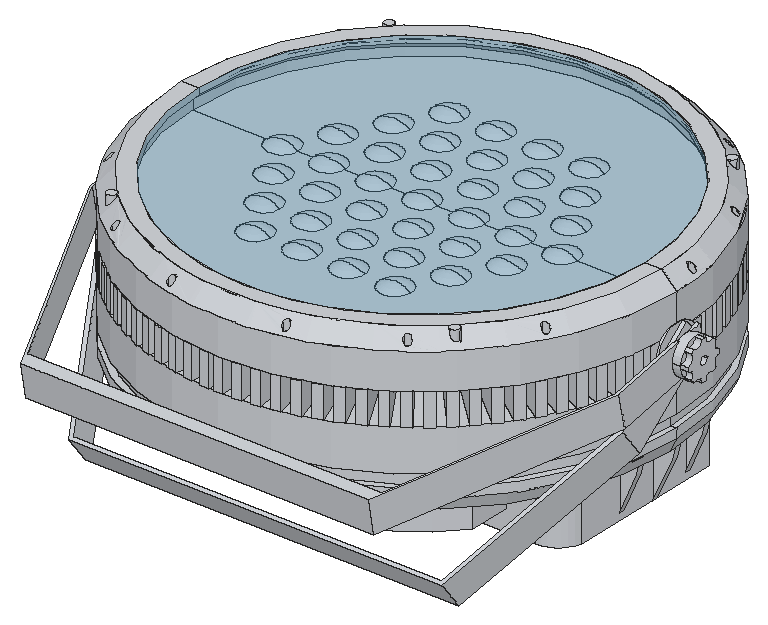
Revit family "WALL WASHER BUILDING RGBW_LV2610QW.30", category Luminarias, Revit 2019
Family settings
  Cota de conector redondo = Diámetro de uso
  Tipo de pieza = Normal
  Se basa en plano de trabajo = Sí
  Siempre vertical = No
  Corte con vacíos al cargar = No
  Origen de luz = Sí
  Compartido = No
  Punto de cálculo de habitación = No
Parameters (values of type "REFL_LV2610QW.30")
  Ángulo de inclinación = 40.00°
  Zone [instance] = ""
  Watt per fixture = 290
  Wattage = 290 W
  built-in parameter 1150107 = 6000 (stored number, unit not read)
  built-in parameter 1150110 = 1 (stored number, unit not read)
  built-in parameter 1150109 = 1 (stored number, unit not read)
  built-in parameter 1150112 = 1 (stored number, unit not read)
  built-in parameter 1150113 = 1 (stored number, unit not read)
  built-in parameter 1114218 = 1 (stored number, unit not read)
  Keynote = ""
  built-in parameter 1150137 = (empty or 0)
  built-in parameter 1150132 = (empty or 0)
  Modelo = "LV2610QW.30"
  Lámpara = "CREE"
  built-in parameter 1150105 = 716.09 (stored number, unit not read)
  built-in parameter 1150102 = (empty or 0)
  built-in parameter 1150106 = 7.1609 (stored number, unit not read)
  Lumens = 8998.7 lm
  Color Filter = 16777215
  built-in parameter 1114217 = 1 (stored number, unit not read)
  built-in parameter 1150139 = (empty or 0)
  Fabricante = "BRILLANT"
  Default Elevation = 0 mm
  built-in parameter 1150104 = 2.8828 (stored number, unit not read)
  Descripción = "LUMINARIA TIPO REFLECTOR DIRIGIBLE, WALL WASHER, CUERPO DE ALUMINIO FUNDIDO A PRESION, 399MM DE DIAMETRO POR 195MM DE PROFUNDO CON UN PESO DE 14.6KG, CUENTA CON 26 LED TIPO CREE TECNOLOGIA RGBW CON UN CONSUMO TOTAL DE 290W, 9000 LUMENES FULL COLOUR, RGBW, IP 66, CABLE H07RN DE 1.5M, APERTURA DE 30 GRADOS EN STOCK, ALIMENTADA A 90-277V."
  built-in parameter 1150115 = 1 (stored number, unit not read)
  built-in parameter 1150114 = 1 (stored number, unit not read)
  Comentarios de vataje = "90-277V"
  built-in parameter 1150138 = (empty or 0)
  built-in parameter 1150134 = 5
  Circuit [instance] = ""
  Dimming Lamp Color Temperature Shift = 1
  Archivo de red fotométrica = "LV2610QW_30_W.ies"
  built-in parameter 1150133 = 10 (stored number, unit not read)
Reference planes
  plane 1 "Centro (Frontal/Posterior)": y = 0
  plane 2: z = 0
  plane 3 "Centro (Izquierda/Derecha)": x = 0
  plane 4: z = 195
Forms (mm)
  Revolve 1, solid
    sketch origin (0, 0, 0) x (1, 0, 0) y (0, 0, 1)
      loop
        line (175.141, 195) -> (175.141, 189.859) -> (180, 185) -> (180, 177.914) -> (0, 177.914) -> (0, 70) -> (194.5, 70) -> (199.5, 80) -> (199.5, 87.5) -> (194.5, 87.5) -> (194.5, 97.5) -> (199.5, 97.5) -> (199.5, 130) -> (154.5, 130) -> (154.5, 155) -> (199.5, 155) -> (199.5, 183.361) -> (187.861, 195) -> (175.141, 195)
      axis (0, 195) -> (0, 70)
    angle from 0 to 360
  Extrusion 2, solid
    sketch origin (0, 0, 0) x (1, 0, 0) y (0, 1, 0)
      loop
        arc (-3.849, -199.358) -> (-0.226, -199.399) -> (3.398, -199.374) r 200
        line (3.398, -199.374) -> (1.83, -154.458)
        arc (1.83, -154.458) -> (-0.226, -154.464) -> (-2.281, -154.446) r 175
        line (-2.281, -154.446) -> (-3.849, -199.358)
    from 130 to 155
  Extrusion 3, solid
    sketch origin (0, 0, 0) x (0.997554, 0.069902, 0) y (-0.069902, 0.997554, 0)
      loop
        arc (-3.849, -199.358) -> (-0.226, -199.399) -> (3.398, -199.374) r 200
        line (3.398, -199.374) -> (1.83, -154.458)
        arc (1.83, -154.458) -> (-0.226, -154.464) -> (-2.281, -154.446) r 175
        line (-2.281, -154.446) -> (-3.849, -199.358)
    from 130 to 155
  Extrusion 4, solid
    sketch origin (0, 0, 0) x (0.990227, 0.139463, 0) y (-0.139463, 0.990227, 0)
      loop
        arc (-3.849, -199.358) -> (-0.226, -199.399) -> (3.398, -199.374) r 200
        line (3.398, -199.374) -> (1.83, -154.458)
        arc (1.83, -154.458) -> (-0.226, -154.464) -> (-2.281, -154.446) r 175
        line (-2.281, -154.446) -> (-3.849, -199.358)
    from 130 to 155
  Extrusion 5, solid
    sketch origin (0, 0, 0) x (0.978056, 0.208341, 0) y (-0.208341, 0.978056, 0)
      loop
        arc (-3.849, -199.358) -> (-0.226, -199.399) -> (3.398, -199.374) r 200
        line (3.398, -199.374) -> (1.83, -154.458)
        arc (1.83, -154.458) -> (-0.226, -154.464) -> (-2.281, -154.446) r 175
        line (-2.281, -154.446) -> (-3.849, -199.358)
    from 130 to 155
  Extrusion 6, solid
    sketch origin (0, 0, 0) x (0.9611, 0.276199, 0) y (-0.276199, 0.9611, 0)
      loop
        arc (-3.849, -199.358) -> (-0.226, -199.399) -> (3.398, -199.374) r 200
        line (3.398, -199.374) -> (1.83, -154.458)
        arc (1.83, -154.458) -> (-0.226, -154.464) -> (-2.281, -154.446) r 175
        line (-2.281, -154.446) -> (-3.849, -199.358)
    from 130 to 155
  Extrusion 7, solid
    sketch origin (0, 0, 0) x (0.939442, 0.342707, 0) y (-0.342707, 0.939442, 0)
      loop
        arc (-3.849, -199.358) -> (-0.226, -199.399) -> (3.398, -199.374) r 200
        line (3.398, -199.374) -> (1.83, -154.458)
        arc (1.83, -154.458) -> (-0.226, -154.464) -> (-2.281, -154.446) r 175
        line (-2.281, -154.446) -> (-3.849, -199.358)
    from 130 to 155
  Extrusion 8, solid
    sketch origin (0, 0, 0) x (0.913188, 0.407538, 0) y (-0.407538, 0.913188, 0)
      loop
        arc (-3.849, -199.358) -> (-0.226, -199.399) -> (3.398, -199.374) r 200
        line (3.398, -199.374) -> (1.83, -154.458)
        arc (1.83, -154.458) -> (-0.226, -154.464) -> (-2.281, -154.446) r 175
        line (-2.281, -154.446) -> (-3.849, -199.358)
    from 130 to 155
  Extrusion 9, solid
    sketch origin (0, 0, 0) x (0.882467, 0.470375, 0) y (-0.470375, 0.882467, 0)
      loop
        arc (-3.849, -199.358) -> (-0.226, -199.399) -> (3.398, -199.374) r 200
        line (3.398, -199.374) -> (1.83, -154.458)
        arc (1.83, -154.458) -> (-0.226, -154.464) -> (-2.281, -154.446) r 175
        line (-2.281, -154.446) -> (-3.849, -199.358)
    from 130 to 155
  Extrusion 10, solid
    sketch origin (0, 0, 0) x (0.847428, 0.53091, 0) y (-0.53091, 0.847428, 0)
      loop
        arc (-3.849, -199.358) -> (-0.226, -199.399) -> (3.398, -199.374) r 200
        line (3.398, -199.374) -> (1.83, -154.458)
        arc (1.83, -154.458) -> (-0.226, -154.464) -> (-2.281, -154.446) r 175
        line (-2.281, -154.446) -> (-3.849, -199.358)
    from 130 to 155
  Extrusion 11, solid
    sketch origin (0, 0, 0) x (0.808243, 0.588849, 0) y (-0.588849, 0.808243, 0)
      loop
        arc (-3.849, -199.358) -> (-0.226, -199.399) -> (3.398, -199.374) r 200
        line (3.398, -199.374) -> (1.83, -154.458)
        arc (1.83, -154.458) -> (-0.226, -154.464) -> (-2.281, -154.446) r 175
        line (-2.281, -154.446) -> (-3.849, -199.358)
    from 130 to 155
  Extrusion 12, solid
    sketch origin (0, 0, 0) x (0.765104, 0.643906, 0) y (-0.643906, 0.765104, 0)
      loop
        arc (-3.849, -199.358) -> (-0.226, -199.399) -> (3.398, -199.374) r 200
        line (3.398, -199.374) -> (1.83, -154.458)
        arc (1.83, -154.458) -> (-0.226, -154.464) -> (-2.281, -154.446) r 175
        line (-2.281, -154.446) -> (-3.849, -199.358)
    from 130 to 155
  Extrusion 13, solid
    sketch origin (0, 0, 0) x (0.718222, 0.695814, 0) y (-0.695814, 0.718222, 0)
      loop
        arc (-3.849, -199.358) -> (-0.226, -199.399) -> (3.398, -199.374) r 200
        line (3.398, -199.374) -> (1.83, -154.458)
        arc (1.83, -154.458) -> (-0.226, -154.464) -> (-2.281, -154.446) r 175
        line (-2.281, -154.446) -> (-3.849, -199.358)
    from 130 to 155
  Extrusion 14, solid
    sketch origin (0, 0, 0) x (0.667826, 0.744317, 0) y (-0.744317, 0.667826, 0)
      loop
        arc (-3.849, -199.358) -> (-0.226, -199.399) -> (3.398, -199.374) r 200
        line (3.398, -199.374) -> (1.83, -154.458)
        arc (1.83, -154.458) -> (-0.226, -154.464) -> (-2.281, -154.446) r 175
        line (-2.281, -154.446) -> (-3.849, -199.358)
    from 130 to 155
  Extrusion 15, solid
    sketch origin (0, 0, 0) x (0.614163, 0.789179, 0) y (-0.789179, 0.614163, 0)
      loop
        arc (-3.849, -199.358) -> (-0.226, -199.399) -> (3.398, -199.374) r 200
        line (3.398, -199.374) -> (1.83, -154.458)
        arc (1.83, -154.458) -> (-0.226, -154.464) -> (-2.281, -154.446) r 175
        line (-2.281, -154.446) -> (-3.849, -199.358)
    from 130 to 155
  Extrusion 16, solid
    sketch origin (0, 0, 0) x (0.557495, 0.83018, 0) y (-0.83018, 0.557495, 0)
      loop
        arc (-3.849, -199.358) -> (-0.226, -199.399) -> (3.398, -199.374) r 200
        line (3.398, -199.374) -> (1.83, -154.458)
        arc (1.83, -154.458) -> (-0.226, -154.464) -> (-2.281, -154.446) r 175
        line (-2.281, -154.446) -> (-3.849, -199.358)
    from 130 to 155
  Extrusion 17, solid
    sketch origin (0, 0, 0) x (0.4981, 0.867119, 0) y (-0.867119, 0.4981, 0)
      loop
        arc (-3.849, -199.358) -> (-0.226, -199.399) -> (3.398, -199.374) r 200
        line (3.398, -199.374) -> (1.83, -154.458)
        arc (1.83, -154.458) -> (-0.226, -154.464) -> (-2.281, -154.446) r 175
        line (-2.281, -154.446) -> (-3.849, -199.358)
    from 130 to 155
  Extrusion 18, solid
    sketch origin (0, 0, 0) x (0.436268, 0.899817, 0) y (-0.899817, 0.436268, 0)
      loop
        arc (-3.849, -199.358) -> (-0.226, -199.399) -> (3.398, -199.374) r 200
        line (3.398, -199.374) -> (1.83, -154.458)
        arc (1.83, -154.458) -> (-0.226, -154.464) -> (-2.281, -154.446) r 175
        line (-2.281, -154.446) -> (-3.849, -199.358)
    from 130 to 155
  Extrusion 19, solid
    sketch origin (0, 0, 0) x (0.372302, 0.928112, 0) y (-0.928112, 0.372302, 0)
      loop
        arc (-3.849, -199.358) -> (-0.226, -199.399) -> (3.398, -199.374) r 200
        line (3.398, -199.374) -> (1.83, -154.458)
        arc (1.83, -154.458) -> (-0.226, -154.464) -> (-2.281, -154.446) r 175
        line (-2.281, -154.446) -> (-3.849, -199.358)
    from 130 to 155
  Extrusion 20, solid
    sketch origin (0, 0, 0) x (0.306514, 0.951866, 0) y (-0.951866, 0.306514, 0)
      loop
        arc (-3.849, -199.358) -> (-0.226, -199.399) -> (3.398, -199.374) r 200
        line (3.398, -199.374) -> (1.83, -154.458)
        arc (1.83, -154.458) -> (-0.226, -154.464) -> (-2.281, -154.446) r 175
        line (-2.281, -154.446) -> (-3.849, -199.358)
    from 130 to 155
  Extrusion 21, solid
    sketch origin (0, 0, 0) x (0.239227, 0.970964, 0) y (-0.970964, 0.239227, 0)
      loop
        arc (-3.849, -199.358) -> (-0.226, -199.399) -> (3.398, -199.374) r 200
        line (3.398, -199.374) -> (1.83, -154.458)
        arc (1.83, -154.458) -> (-0.226, -154.464) -> (-2.281, -154.446) r 175
        line (-2.281, -154.446) -> (-3.849, -199.358)
    from 130 to 155
  Extrusion 22, solid
    sketch origin (0, 0, 0) x (0.170769, 0.985311, 0) y (-0.985311, 0.170769, 0)
      loop
        arc (-3.849, -199.358) -> (-0.226, -199.399) -> (3.398, -199.374) r 200
        line (3.398, -199.374) -> (1.83, -154.458)
        arc (1.83, -154.458) -> (-0.226, -154.464) -> (-2.281, -154.446) r 175
        line (-2.281, -154.446) -> (-3.849, -199.358)
    from 130 to 155
  Extrusion 23, solid
    sketch origin (0, 0, 0) x (0.101476, 0.994838, 0) y (-0.994838, 0.101476, 0)
      loop
        arc (-3.849, -199.358) -> (-0.226, -199.399) -> (3.398, -199.374) r 200
        line (3.398, -199.374) -> (1.83, -154.458)
        arc (1.83, -154.458) -> (-0.226, -154.464) -> (-2.281, -154.446) r 175
        line (-2.281, -154.446) -> (-3.849, -199.358)
    from 130 to 155
  Extrusion 24, solid
    sketch origin (0, 0, 0) x (0.031686, 0.999498, 0) y (-0.999498, 0.031686, 0)
      loop
        arc (-3.849, -199.358) -> (-0.226, -199.399) -> (3.398, -199.374) r 200
        line (3.398, -199.374) -> (1.83, -154.458)
        arc (1.83, -154.458) -> (-0.226, -154.464) -> (-2.281, -154.446) r 175
        line (-2.281, -154.446) -> (-3.849, -199.358)
    from 130 to 155
  Extrusion 25, solid
    sketch origin (0, 0, 0) x (-0.038259, 0.999268, 0) y (-0.999268, -0.038259, 0)
      loop
        arc (-3.849, -199.358) -> (-0.226, -199.399) -> (3.398, -199.374) r 200
        line (3.398, -199.374) -> (1.83, -154.458)
        arc (1.83, -154.458) -> (-0.226, -154.464) -> (-2.281, -154.446) r 175
        line (-2.281, -154.446) -> (-3.849, -199.358)
    from 130 to 155
  Extrusion 26, solid
    sketch origin (0, 0, 0) x (-0.108016, 0.994149, 0) y (-0.994149, -0.108016, 0)
      loop
        arc (-3.849, -199.358) -> (-0.226, -199.399) -> (3.398, -199.374) r 200
        line (3.398, -199.374) -> (1.83, -154.458)
        arc (1.83, -154.458) -> (-0.226, -154.464) -> (-2.281, -154.446) r 175
        line (-2.281, -154.446) -> (-3.849, -199.358)
    from 130 to 155
  Extrusion 27, solid
    sketch origin (0, 0, 0) x (-0.177245, 0.984167, 0) y (-0.984167, -0.177245, 0)
      loop
        arc (-3.849, -199.358) -> (-0.226, -199.399) -> (3.398, -199.374) r 200
        line (3.398, -199.374) -> (1.83, -154.458)
        arc (1.83, -154.458) -> (-0.226, -154.464) -> (-2.281, -154.446) r 175
        line (-2.281, -154.446) -> (-3.849, -199.358)
    from 130 to 155
  Extrusion 28, solid
    sketch origin (0, 0, 0) x (-0.245607, 0.969369, 0) y (-0.969369, -0.245607, 0)
      loop
        arc (-3.849, -199.358) -> (-0.226, -199.399) -> (3.398, -199.374) r 200
        line (3.398, -199.374) -> (1.83, -154.458)
        arc (1.83, -154.458) -> (-0.226, -154.464) -> (-2.281, -154.446) r 175
        line (-2.281, -154.446) -> (-3.849, -199.358)
    from 130 to 155
  Extrusion 29, solid
    sketch origin (0, 0, 0) x (-0.312767, 0.94983, 0) y (-0.94983, -0.312767, 0)
      loop
        arc (-3.849, -199.358) -> (-0.226, -199.399) -> (3.398, -199.374) r 200
        line (3.398, -199.374) -> (1.83, -154.458)
        arc (1.83, -154.458) -> (-0.226, -154.464) -> (-2.281, -154.446) r 175
        line (-2.281, -154.446) -> (-3.849, -199.358)
    from 130 to 155
  Extrusion 30, solid
    sketch origin (0, 0, 0) x (-0.378398, 0.925643, 0) y (-0.925643, -0.378398, 0)
      loop
        arc (-3.849, -199.358) -> (-0.226, -199.399) -> (3.398, -199.374) r 200
        line (3.398, -199.374) -> (1.83, -154.458)
        arc (1.83, -154.458) -> (-0.226, -154.464) -> (-2.281, -154.446) r 175
        line (-2.281, -154.446) -> (-3.849, -199.358)
    from 130 to 155
  Extrusion 31, solid
    sketch origin (0, 0, 0) x (-0.442176, 0.896928, 0) y (-0.896928, -0.442176, 0)
      loop
        arc (-3.849, -199.358) -> (-0.226, -199.399) -> (3.398, -199.374) r 200
        line (3.398, -199.374) -> (1.83, -154.458)
        arc (1.83, -154.458) -> (-0.226, -154.464) -> (-2.281, -154.446) r 175
        line (-2.281, -154.446) -> (-3.849, -199.358)
    from 130 to 155
  Extrusion 32, solid
    sketch origin (0, 0, 0) x (-0.503792, 0.863825, 0) y (-0.863825, -0.503792, 0)
      loop
        arc (-3.849, -199.358) -> (-0.226, -199.399) -> (3.398, -199.374) r 200
        line (3.398, -199.374) -> (1.83, -154.458)
        arc (1.83, -154.458) -> (-0.226, -154.464) -> (-2.281, -154.446) r 175
        line (-2.281, -154.446) -> (-3.849, -199.358)
    from 130 to 155
  Extrusion 33, solid
    sketch origin (0, 0, 0) x (-0.562943, 0.826496, 0) y (-0.826496, -0.562943, 0)
      loop
        arc (-3.849, -199.358) -> (-0.226, -199.399) -> (3.398, -199.374) r 200
        line (3.398, -199.374) -> (1.83, -154.458)
        arc (1.83, -154.458) -> (-0.226, -154.464) -> (-2.281, -154.446) r 175
        line (-2.281, -154.446) -> (-3.849, -199.358)
    from 130 to 155
  Extrusion 34, solid
    sketch origin (0, 0, 0) x (-0.61934, 0.785123, 0) y (-0.785123, -0.61934, 0)
      loop
        arc (-3.849, -199.358) -> (-0.226, -199.399) -> (3.398, -199.374) r 200
        line (3.398, -199.374) -> (1.83, -154.458)
        arc (1.83, -154.458) -> (-0.226, -154.464) -> (-2.281, -154.446) r 175
        line (-2.281, -154.446) -> (-3.849, -199.358)
    from 130 to 155
  Extrusion 35, solid
    sketch origin (0, 0, 0) x (-0.672707, 0.739909, 0) y (-0.739909, -0.672707, 0)
      loop
        arc (-3.849, -199.358) -> (-0.226, -199.399) -> (3.398, -199.374) r 200
        line (3.398, -199.374) -> (1.83, -154.458)
        arc (1.83, -154.458) -> (-0.226, -154.464) -> (-2.281, -154.446) r 175
        line (-2.281, -154.446) -> (-3.849, -199.358)
    from 130 to 155
  Extrusion 36, solid
    sketch origin (0, 0, 0) x (-0.722783, 0.691075, 0) y (-0.691075, -0.722783, 0)
      loop
        arc (-3.849, -199.358) -> (-0.226, -199.399) -> (3.398, -199.374) r 200
        line (3.398, -199.374) -> (1.83, -154.458)
        arc (1.83, -154.458) -> (-0.226, -154.464) -> (-2.281, -154.446) r 175
        line (-2.281, -154.446) -> (-3.849, -199.358)
    from 130 to 155
  Extrusion 37, solid
    sketch origin (0, 0, 0) x (-0.769322, 0.638861, 0) y (-0.638861, -0.769322, 0)
      loop
        arc (-3.849, -199.358) -> (-0.226, -199.399) -> (3.398, -199.374) r 200
        line (3.398, -199.374) -> (1.83, -154.458)
        arc (1.83, -154.458) -> (-0.226, -154.464) -> (-2.281, -154.446) r 175
        line (-2.281, -154.446) -> (-3.849, -199.358)
    from 130 to 155
  Extrusion 38, solid
    sketch origin (0, 0, 0) x (-0.812098, 0.583521, 0) y (-0.583521, -0.812098, 0)
      loop
        arc (-3.849, -199.358) -> (-0.226, -199.399) -> (3.398, -199.374) r 200
        line (3.398, -199.374) -> (1.83, -154.458)
        arc (1.83, -154.458) -> (-0.226, -154.464) -> (-2.281, -154.446) r 175
        line (-2.281, -154.446) -> (-3.849, -199.358)
    from 130 to 155
  Extrusion 39, solid
    sketch origin (0, 0, 0) x (-0.850901, 0.525326, 0) y (-0.525326, -0.850901, 0)
      loop
        arc (-3.849, -199.358) -> (-0.226, -199.399) -> (3.398, -199.374) r 200
        line (3.398, -199.374) -> (1.83, -154.458)
        arc (1.83, -154.458) -> (-0.226, -154.464) -> (-2.281, -154.446) r 175
        line (-2.281, -154.446) -> (-3.849, -199.358)
    from 130 to 155
  Extrusion 40, solid
    sketch origin (0, 0, 0) x (-0.885541, 0.464561, 0) y (-0.464561, -0.885541, 0)
      loop
        arc (-3.849, -199.358) -> (-0.226, -199.399) -> (3.398, -199.374) r 200
        line (3.398, -199.374) -> (1.83, -154.458)
        arc (1.83, -154.458) -> (-0.226, -154.464) -> (-2.281, -154.446) r 175
        line (-2.281, -154.446) -> (-3.849, -199.358)
    from 130 to 155
  Extrusion 41, solid
    sketch origin (0, 0, 0) x (-0.915849, 0.401523, 0) y (-0.401523, -0.915849, 0)
      loop
        arc (-3.849, -199.358) -> (-0.226, -199.399) -> (3.398, -199.374) r 200
        line (3.398, -199.374) -> (1.83, -154.458)
        arc (1.83, -154.458) -> (-0.226, -154.464) -> (-2.281, -154.446) r 175
        line (-2.281, -154.446) -> (-3.849, -199.358)
    from 130 to 155
  Extrusion 42, solid
    sketch origin (0, 0, 0) x (-0.941676, 0.336521, 0) y (-0.336521, -0.941676, 0)
      loop
        arc (-3.849, -199.358) -> (-0.226, -199.399) -> (3.398, -199.374) r 200
        line (3.398, -199.374) -> (1.83, -154.458)
        arc (1.83, -154.458) -> (-0.226, -154.464) -> (-2.281, -154.446) r 175
        line (-2.281, -154.446) -> (-3.849, -199.358)
    from 130 to 155
  Extrusion 43, solid
    sketch origin (0, 0, 0) x (-0.962896, 0.269873, 0) y (-0.269873, -0.962896, 0)
      loop
        arc (-3.849, -199.358) -> (-0.226, -199.399) -> (3.398, -199.374) r 200
        line (3.398, -199.374) -> (1.83, -154.458)
        arc (1.83, -154.458) -> (-0.226, -154.464) -> (-2.281, -154.446) r 175
        line (-2.281, -154.446) -> (-3.849, -199.358)
    from 130 to 155
  Extrusion 44, solid
    sketch origin (0, 0, 0) x (-0.979405, 0.201904, 0) y (-0.201904, -0.979405, 0)
      loop
        arc (-3.849, -199.358) -> (-0.226, -199.399) -> (3.398, -199.374) r 200
        line (3.398, -199.374) -> (1.83, -154.458)
        arc (1.83, -154.458) -> (-0.226, -154.464) -> (-2.281, -154.446) r 175
        line (-2.281, -154.446) -> (-3.849, -199.358)
    from 130 to 155
  Extrusion 45, solid
    sketch origin (0, 0, 0) x (-0.991123, 0.132947, 0) y (-0.132947, -0.991123, 0)
      loop
        arc (-3.849, -199.358) -> (-0.226, -199.399) -> (3.398, -199.374) r 200
        line (3.398, -199.374) -> (1.83, -154.458)
        arc (1.83, -154.458) -> (-0.226, -154.464) -> (-2.281, -154.446) r 175
        line (-2.281, -154.446) -> (-3.849, -199.358)
    from 130 to 155
  Extrusion 46, solid
    sketch origin (0, 0, 0) x (-0.997992, 0.06334, 0) y (-0.06334, -0.997992, 0)
      loop
        arc (-3.849, -199.358) -> (-0.226, -199.399) -> (3.398, -199.374) r 200
        line (3.398, -199.374) -> (1.83, -154.458)
        arc (1.83, -154.458) -> (-0.226, -154.464) -> (-2.281, -154.446) r 175
        line (-2.281, -154.446) -> (-3.849, -199.358)
    from 130 to 155
  Extrusion 47, solid
    sketch origin (0, 0, 0) x (-0.999978, -0.006576, 0) y (0.006576, -0.999978, 0)
      loop
        arc (-3.849, -199.358) -> (-0.226, -199.399) -> (3.398, -199.374) r 200
        line (3.398, -199.374) -> (1.83, -154.458)
        arc (1.83, -154.458) -> (-0.226, -154.464) -> (-2.281, -154.446) r 175
        line (-2.281, -154.446) -> (-3.849, -199.358)
    from 130 to 155
  Extrusion 48, solid
    sketch origin (0, 0, 0) x (-0.997073, -0.076461, 0) y (0.076461, -0.997073, 0)
      loop
        arc (-3.849, -199.358) -> (-0.226, -199.399) -> (3.398, -199.374) r 200
        line (3.398, -199.374) -> (1.83, -154.458)
        arc (1.83, -154.458) -> (-0.226, -154.464) -> (-2.281, -154.446) r 175
        line (-2.281, -154.446) -> (-3.849, -199.358)
    from 130 to 155
  Extrusion 49, solid
    sketch origin (0, 0, 0) x (-0.989289, -0.145972, 0) y (0.145972, -0.989289, 0)
      loop
        arc (-3.849, -199.358) -> (-0.226, -199.399) -> (3.398, -199.374) r 200
        line (3.398, -199.374) -> (1.83, -154.458)
        arc (1.83, -154.458) -> (-0.226, -154.464) -> (-2.281, -154.446) r 175
        line (-2.281, -154.446) -> (-3.849, -199.358)
    from 130 to 155
  Extrusion 50, solid
    sketch origin (0, 0, 0) x (-0.976665, -0.214768, 0) y (0.214768, -0.976665, 0)
      loop
        arc (-3.849, -199.358) -> (-0.226, -199.399) -> (3.398, -199.374) r 200
        line (3.398, -199.374) -> (1.83, -154.458)
        arc (1.83, -154.458) -> (-0.226, -154.464) -> (-2.281, -154.446) r 175
        line (-2.281, -154.446) -> (-3.849, -199.358)
    from 130 to 155
  Extrusion 51, solid
    sketch origin (0, 0, 0) x (-0.959263, -0.282514, 0) y (0.282514, -0.959263, 0)
      loop
        arc (-3.849, -199.358) -> (-0.226, -199.399) -> (3.398, -199.374) r 200
        line (3.398, -199.374) -> (1.83, -154.458)
        arc (1.83, -154.458) -> (-0.226, -154.464) -> (-2.281, -154.446) r 175
        line (-2.281, -154.446) -> (-3.849, -199.358)
    from 130 to 155
  Extrusion 52, solid
    sketch origin (0, 0, 0) x (-0.937168, -0.348878, 0) y (0.348878, -0.937168, 0)
      loop
        arc (-3.849, -199.358) -> (-0.226, -199.399) -> (3.398, -199.374) r 200
        line (3.398, -199.374) -> (1.83, -154.458)
        arc (1.83, -154.458) -> (-0.226, -154.464) -> (-2.281, -154.446) r 175
        line (-2.281, -154.446) -> (-3.849, -199.358)
    from 130 to 155
  Extrusion 53, solid
    sketch origin (0, 0, 0) x (-0.910489, -0.413534, 0) y (0.413534, -0.910489, 0)
      loop
        arc (-3.849, -199.358) -> (-0.226, -199.399) -> (3.398, -199.374) r 200
        line (3.398, -199.374) -> (1.83, -154.458)
        arc (1.83, -154.458) -> (-0.226, -154.464) -> (-2.281, -154.446) r 175
        line (-2.281, -154.446) -> (-3.849, -199.358)
    from 130 to 155
  Extrusion 54, solid
    sketch origin (0, 0, 0) x (-0.879354, -0.476168, 0) y (0.476168, -0.879354, 0)
      loop
        arc (-3.849, -199.358) -> (-0.226, -199.399) -> (3.398, -199.374) r 200
        line (3.398, -199.374) -> (1.83, -154.458)
        arc (1.83, -154.458) -> (-0.226, -154.464) -> (-2.281, -154.446) r 175
        line (-2.281, -154.446) -> (-3.849, -199.358)
    from 130 to 155
  Extrusion 55, solid
    sketch origin (0, 0, 0) x (-0.843918, -0.536472, 0) y (0.536472, -0.843918, 0)
      loop
        arc (-3.849, -199.358) -> (-0.226, -199.399) -> (3.398, -199.374) r 200
        line (3.398, -199.374) -> (1.83, -154.458)
        arc (1.83, -154.458) -> (-0.226, -154.464) -> (-2.281, -154.446) r 175
        line (-2.281, -154.446) -> (-3.849, -199.358)
    from 130 to 155
  Extrusion 56, solid
    sketch origin (0, 0, 0) x (-0.804353, -0.594152, 0) y (0.594152, -0.804353, 0)
      loop
        arc (-3.849, -199.358) -> (-0.226, -199.399) -> (3.398, -199.374) r 200
        line (3.398, -199.374) -> (1.83, -154.458)
        arc (1.83, -154.458) -> (-0.226, -154.464) -> (-2.281, -154.446) r 175
        line (-2.281, -154.446) -> (-3.849, -199.358)
    from 130 to 155
  Extrusion 57, solid
    sketch origin (0, 0, 0) x (-0.760853, -0.648924, 0) y (0.648924, -0.760853, 0)
      loop
        arc (-3.849, -199.358) -> (-0.226, -199.399) -> (3.398, -199.374) r 200
        line (3.398, -199.374) -> (1.83, -154.458)
        arc (1.83, -154.458) -> (-0.226, -154.464) -> (-2.281, -154.446) r 175
        line (-2.281, -154.446) -> (-3.849, -199.358)
    from 130 to 155
  Extrusion 58, solid
    sketch origin (0, 0, 0) x (-0.713631, -0.700522, 0) y (0.700522, -0.713631, 0)
      loop
        arc (-3.849, -199.358) -> (-0.226, -199.399) -> (3.398, -199.374) r 200
        line (3.398, -199.374) -> (1.83, -154.458)
        arc (1.83, -154.458) -> (-0.226, -154.464) -> (-2.281, -154.446) r 175
        line (-2.281, -154.446) -> (-3.849, -199.358)
    from 130 to 155
  Extrusion 59, solid
    sketch origin (0, 0, 0) x (-0.662917, -0.748693, 0) y (0.748693, -0.662917, 0)
      loop
        arc (-3.849, -199.358) -> (-0.226, -199.399) -> (3.398, -199.374) r 200
        line (3.398, -199.374) -> (1.83, -154.458)
        arc (1.83, -154.458) -> (-0.226, -154.464) -> (-2.281, -154.446) r 175
        line (-2.281, -154.446) -> (-3.849, -199.358)
    from 130 to 155
  Extrusion 60, solid
    sketch origin (0, 0, 0) x (-0.60896, -0.793201, 0) y (0.793201, -0.60896, 0)
      loop
        arc (-3.849, -199.358) -> (-0.226, -199.399) -> (3.398, -199.374) r 200
        line (3.398, -199.374) -> (1.83, -154.458)
        arc (1.83, -154.458) -> (-0.226, -154.464) -> (-2.281, -154.446) r 175
        line (-2.281, -154.446) -> (-3.849, -199.358)
    from 130 to 155
  Extrusion 61, solid
    sketch origin (0, 0, 0) x (-0.552024, -0.833828, 0) y (0.833828, -0.552024, 0)
      loop
        arc (-3.849, -199.358) -> (-0.226, -199.399) -> (3.398, -199.374) r 200
        line (3.398, -199.374) -> (1.83, -154.458)
        arc (1.83, -154.458) -> (-0.226, -154.464) -> (-2.281, -154.446) r 175
        line (-2.281, -154.446) -> (-3.849, -199.358)
    from 130 to 155
  Extrusion 62, solid
    sketch origin (0, 0, 0) x (-0.492387, -0.870376, 0) y (0.870376, -0.492387, 0)
      loop
        arc (-3.849, -199.358) -> (-0.226, -199.399) -> (3.398, -199.374) r 200
        line (3.398, -199.374) -> (1.83, -154.458)
        arc (1.83, -154.458) -> (-0.226, -154.464) -> (-2.281, -154.446) r 175
        line (-2.281, -154.446) -> (-3.849, -199.358)
    from 130 to 155
  Extrusion 63, solid
    sketch origin (0, 0, 0) x (-0.430341, -0.902666, 0) y (0.902666, -0.430341, 0)
      loop
        arc (-3.849, -199.358) -> (-0.226, -199.399) -> (3.398, -199.374) r 200
        line (3.398, -199.374) -> (1.83, -154.458)
        arc (1.83, -154.458) -> (-0.226, -154.464) -> (-2.281, -154.446) r 175
        line (-2.281, -154.446) -> (-3.849, -199.358)
    from 130 to 155
  Extrusion 64, solid
    sketch origin (0, 0, 0) x (-0.36619, -0.93054, 0) y (0.93054, -0.36619, 0)
      loop
        arc (-3.849, -199.358) -> (-0.226, -199.399) -> (3.398, -199.374) r 200
        line (3.398, -199.374) -> (1.83, -154.458)
        arc (1.83, -154.458) -> (-0.226, -154.464) -> (-2.281, -154.446) r 175
        line (-2.281, -154.446) -> (-3.849, -199.358)
    from 130 to 155
  Extrusion 65, solid
    sketch origin (0, 0, 0) x (-0.300247, -0.953861, 0) y (0.953861, -0.300247, 0)
      loop
        arc (-3.849, -199.358) -> (-0.226, -199.399) -> (3.398, -199.374) r 200
        line (3.398, -199.374) -> (1.83, -154.458)
        arc (1.83, -154.458) -> (-0.226, -154.464) -> (-2.281, -154.446) r 175
        line (-2.281, -154.446) -> (-3.849, -199.358)
    from 130 to 155
  Extrusion 66, solid
    sketch origin (0, 0, 0) x (-0.232836, -0.972516, 0) y (0.972516, -0.232836, 0)
      loop
        arc (-3.849, -199.358) -> (-0.226, -199.399) -> (3.398, -199.374) r 200
        line (3.398, -199.374) -> (1.83, -154.458)
        arc (1.83, -154.458) -> (-0.226, -154.464) -> (-2.281, -154.446) r 175
        line (-2.281, -154.446) -> (-3.849, -199.358)
    from 130 to 155
  Extrusion 67, solid
    sketch origin (0, 0, 0) x (-0.164285, -0.986413, 0) y (0.986413, -0.164285, 0)
      loop
        arc (-3.849, -199.358) -> (-0.226, -199.399) -> (3.398, -199.374) r 200
        line (3.398, -199.374) -> (1.83, -154.458)
        arc (1.83, -154.458) -> (-0.226, -154.464) -> (-2.281, -154.446) r 175
        line (-2.281, -154.446) -> (-3.849, -199.358)
    from 130 to 155
  Extrusion 68, solid
    sketch origin (0, 0, 0) x (-0.094931, -0.995484, 0) y (0.995484, -0.094931, 0)
      loop
        arc (-3.849, -199.358) -> (-0.226, -199.399) -> (3.398, -199.374) r 200
        line (3.398, -199.374) -> (1.83, -154.458)
        arc (1.83, -154.458) -> (-0.226, -154.464) -> (-2.281, -154.446) r 175
        line (-2.281, -154.446) -> (-3.849, -199.358)
    from 130 to 155
  Extrusion 69, solid
    sketch origin (0, 0, 0) x (-0.025112, -0.999685, 0) y (0.999685, -0.025112, 0)
      loop
        arc (-3.849, -199.358) -> (-0.226, -199.399) -> (3.398, -199.374) r 200
        line (3.398, -199.374) -> (1.83, -154.458)
        arc (1.83, -154.458) -> (-0.226, -154.464) -> (-2.281, -154.446) r 175
        line (-2.281, -154.446) -> (-3.849, -199.358)
    from 130 to 155
  Extrusion 70, solid
    sketch origin (0, 0, 0) x (0.044829, -0.998995, 0) y (0.998995, 0.044829, 0)
      loop
        arc (-3.849, -199.358) -> (-0.226, -199.399) -> (3.398, -199.374) r 200
        line (3.398, -199.374) -> (1.83, -154.458)
        arc (1.83, -154.458) -> (-0.226, -154.464) -> (-2.281, -154.446) r 175
        line (-2.281, -154.446) -> (-3.849, -199.358)
    from 130 to 155
  Extrusion 71, solid
    sketch origin (0, 0, 0) x (0.114552, -0.993417, 0) y (0.993417, 0.114552, 0)
      loop
        arc (-3.849, -199.358) -> (-0.226, -199.399) -> (3.398, -199.374) r 200
        line (3.398, -199.374) -> (1.83, -154.458)
        arc (1.83, -154.458) -> (-0.226, -154.464) -> (-2.281, -154.446) r 175
        line (-2.281, -154.446) -> (-3.849, -199.358)
    from 130 to 155
  Extrusion 72, solid
    sketch origin (0, 0, 0) x (0.183714, -0.98298, 0) y (0.98298, 0.183714, 0)
      loop
        arc (-3.849, -199.358) -> (-0.226, -199.399) -> (3.398, -199.374) r 200
        line (3.398, -199.374) -> (1.83, -154.458)
        arc (1.83, -154.458) -> (-0.226, -154.464) -> (-2.281, -154.446) r 175
        line (-2.281, -154.446) -> (-3.849, -199.358)
    from 130 to 155
  Extrusion 73, solid
    sketch origin (0, 0, 0) x (0.251977, -0.967733, 0) y (0.967733, 0.251977, 0)
      loop
        arc (-3.849, -199.358) -> (-0.226, -199.399) -> (3.398, -199.374) r 200
        line (3.398, -199.374) -> (1.83, -154.458)
        arc (1.83, -154.458) -> (-0.226, -154.464) -> (-2.281, -154.446) r 175
        line (-2.281, -154.446) -> (-3.849, -199.358)
    from 130 to 155
  Extrusion 74, solid
    sketch origin (0, 0, 0) x (0.319007, -0.947752, 0) y (0.947752, 0.319007, 0)
      loop
        arc (-3.849, -199.358) -> (-0.226, -199.399) -> (3.398, -199.374) r 200
        line (3.398, -199.374) -> (1.83, -154.458)
        arc (1.83, -154.458) -> (-0.226, -154.464) -> (-2.281, -154.446) r 175
        line (-2.281, -154.446) -> (-3.849, -199.358)
    from 130 to 155
  Extrusion 75, solid
    sketch origin (0, 0, 0) x (0.384477, -0.923135, 0) y (0.923135, 0.384477, 0)
      loop
        arc (-3.849, -199.358) -> (-0.226, -199.399) -> (3.398, -199.374) r 200
        line (3.398, -199.374) -> (1.83, -154.458)
        arc (1.83, -154.458) -> (-0.226, -154.464) -> (-2.281, -154.446) r 175
        line (-2.281, -154.446) -> (-3.849, -199.358)
    from 130 to 155
  Extrusion 76, solid
    sketch origin (0, 0, 0) x (0.448066, -0.894001, 0) y (0.894001, 0.448066, 0)
      loop
        arc (-3.849, -199.358) -> (-0.226, -199.399) -> (3.398, -199.374) r 200
        line (3.398, -199.374) -> (1.83, -154.458)
        arc (1.83, -154.458) -> (-0.226, -154.464) -> (-2.281, -154.446) r 175
        line (-2.281, -154.446) -> (-3.849, -199.358)
    from 130 to 155
  Extrusion 77, solid
    sketch origin (0, 0, 0) x (0.509462, -0.860493, 0) y (0.860493, 0.509462, 0)
      loop
        arc (-3.849, -199.358) -> (-0.226, -199.399) -> (3.398, -199.374) r 200
        line (3.398, -199.374) -> (1.83, -154.458)
        arc (1.83, -154.458) -> (-0.226, -154.464) -> (-2.281, -154.446) r 175
        line (-2.281, -154.446) -> (-3.849, -199.358)
    from 130 to 155
  Extrusion 78, solid
    sketch origin (0, 0, 0) x (0.568366, -0.822776, 0) y (0.822776, 0.568366, 0)
      loop
        arc (-3.849, -199.358) -> (-0.226, -199.399) -> (3.398, -199.374) r 200
        line (3.398, -199.374) -> (1.83, -154.458)
        arc (1.83, -154.458) -> (-0.226, -154.464) -> (-2.281, -154.446) r 175
        line (-2.281, -154.446) -> (-3.849, -199.358)
    from 130 to 155
  Extrusion 79, solid
    sketch origin (0, 0, 0) x (0.62449, -0.781033, 0) y (0.781033, 0.62449, 0)
      loop
        arc (-3.849, -199.358) -> (-0.226, -199.399) -> (3.398, -199.374) r 200
        line (3.398, -199.374) -> (1.83, -154.458)
        arc (1.83, -154.458) -> (-0.226, -154.464) -> (-2.281, -154.446) r 175
        line (-2.281, -154.446) -> (-3.849, -199.358)
    from 130 to 155
  Extrusion 80, solid
    sketch origin (0, 0, 0) x (0.677558, -0.735469, 0) y (0.735469, 0.677558, 0)
      loop
        arc (-3.849, -199.358) -> (-0.226, -199.399) -> (3.398, -199.374) r 200
        line (3.398, -199.374) -> (1.83, -154.458)
        arc (1.83, -154.458) -> (-0.226, -154.464) -> (-2.281, -154.446) r 175
        line (-2.281, -154.446) -> (-3.849, -199.358)
    from 130 to 155
  Extrusion 81, solid
    sketch origin (0, 0, 0) x (0.727312, -0.686307, 0) y (0.686307, 0.727312, 0)
      loop
        arc (-3.849, -199.358) -> (-0.226, -199.399) -> (3.398, -199.374) r 200
        line (3.398, -199.374) -> (1.83, -154.458)
        arc (1.83, -154.458) -> (-0.226, -154.464) -> (-2.281, -154.446) r 175
        line (-2.281, -154.446) -> (-3.849, -199.358)
    from 130 to 155
  Extrusion 82, solid
    sketch origin (0, 0, 0) x (0.773507, -0.633788, 0) y (0.633788, 0.773507, 0)
      loop
        arc (-3.849, -199.358) -> (-0.226, -199.399) -> (3.398, -199.374) r 200
        line (3.398, -199.374) -> (1.83, -154.458)
        arc (1.83, -154.458) -> (-0.226, -154.464) -> (-2.281, -154.446) r 175
        line (-2.281, -154.446) -> (-3.849, -199.358)
    from 130 to 155
  Extrusion 83, solid
    sketch origin (0, 0, 0) x (0.815918, -0.578167, 0) y (0.578167, 0.815918, 0)
      loop
        arc (-3.849, -199.358) -> (-0.226, -199.399) -> (3.398, -199.374) r 200
        line (3.398, -199.374) -> (1.83, -154.458)
        arc (1.83, -154.458) -> (-0.226, -154.464) -> (-2.281, -154.446) r 175
        line (-2.281, -154.446) -> (-3.849, -199.358)
    from 130 to 155
  Extrusion 84, solid
    sketch origin (0, 0, 0) x (0.854338, -0.519719, 0) y (0.519719, 0.854338, 0)
      loop
        arc (-3.849, -199.358) -> (-0.226, -199.399) -> (3.398, -199.374) r 200
        line (3.398, -199.374) -> (1.83, -154.458)
        arc (1.83, -154.458) -> (-0.226, -154.464) -> (-2.281, -154.446) r 175
        line (-2.281, -154.446) -> (-3.849, -199.358)
    from 130 to 155
  Extrusion 85, solid
    sketch origin (0, 0, 0) x (0.888577, -0.458727, 0) y (0.458727, 0.888577, 0)
      loop
        arc (-3.849, -199.358) -> (-0.226, -199.399) -> (3.398, -199.374) r 200
        line (3.398, -199.374) -> (1.83, -154.458)
        arc (1.83, -154.458) -> (-0.226, -154.464) -> (-2.281, -154.446) r 175
        line (-2.281, -154.446) -> (-3.849, -199.358)
    from 130 to 155
  Extrusion 86, solid
    sketch origin (0, 0, 0) x (0.91847, -0.395491, 0) y (0.395491, 0.91847, 0)
      loop
        arc (-3.849, -199.358) -> (-0.226, -199.399) -> (3.398, -199.374) r 200
        line (3.398, -199.374) -> (1.83, -154.458)
        arc (1.83, -154.458) -> (-0.226, -154.464) -> (-2.281, -154.446) r 175
        line (-2.281, -154.446) -> (-3.849, -199.358)
    from 130 to 155
  Extrusion 87, solid
    sketch origin (0, 0, 0) x (0.943869, -0.330321, 0) y (0.330321, 0.943869, 0)
      loop
        arc (-3.849, -199.358) -> (-0.226, -199.399) -> (3.398, -199.374) r 200
        line (3.398, -199.374) -> (1.83, -154.458)
        arc (1.83, -154.458) -> (-0.226, -154.464) -> (-2.281, -154.446) r 175
        line (-2.281, -154.446) -> (-3.849, -199.358)
    from 130 to 155
  Extrusion 88, solid
    sketch origin (0, 0, 0) x (0.96465, -0.263534, 0) y (0.263534, 0.96465, 0)
      loop
        arc (-3.849, -199.358) -> (-0.226, -199.399) -> (3.398, -199.374) r 200
        line (3.398, -199.374) -> (1.83, -154.458)
        arc (1.83, -154.458) -> (-0.226, -154.464) -> (-2.281, -154.446) r 175
        line (-2.281, -154.446) -> (-3.849, -199.358)
    from 130 to 155
  Extrusion 89, solid
    sketch origin (0, 0, 0) x (0.980712, -0.195458, 0) y (0.195458, 0.980712, 0)
      loop
        arc (-3.849, -199.358) -> (-0.226, -199.399) -> (3.398, -199.374) r 200
        line (3.398, -199.374) -> (1.83, -154.458)
        arc (1.83, -154.458) -> (-0.226, -154.464) -> (-2.281, -154.446) r 175
        line (-2.281, -154.446) -> (-3.849, -199.358)
    from 130 to 155
  Extrusion 90, solid
    sketch origin (0, 0, 0) x (0.991976, -0.126426, 0) y (0.126426, 0.991976, 0)
      loop
        arc (-3.849, -199.358) -> (-0.226, -199.399) -> (3.398, -199.374) r 200
        line (3.398, -199.374) -> (1.83, -154.458)
        arc (1.83, -154.458) -> (-0.226, -154.464) -> (-2.281, -154.446) r 175
        line (-2.281, -154.446) -> (-3.849, -199.358)
    from 130 to 155
  Extrusion 91, solid
    sketch origin (0, 0, 0) x (0.998387, -0.056776, 0) y (0.056776, 0.998387, 0)
      loop
        arc (-3.849, -199.358) -> (-0.226, -199.399) -> (3.398, -199.374) r 200
        line (3.398, -199.374) -> (1.83, -154.458)
        arc (1.83, -154.458) -> (-0.226, -154.464) -> (-2.281, -154.446) r 175
        line (-2.281, -154.446) -> (-3.849, -199.358)
    from 130 to 155
  Extrusion 92, solid, material "Cristal"
    sketch origin (0, 0, 0) x (1, 0, 0) y (0, 1, 0)
      loop
        circle (0, 0) r 175.141
    from 192.382 to 195
  Extrusion 93, solid
    sketch origin (0, 0, 0) x (1, 0, 0) y (0, 1, 0)
      loop
        arc (-43.337, 170) -> (-101.486, 142.221) -> (-146.826, 96.425) r 187.861
        line (-146.826, 96.425) -> (-146.826, -27.582)
        arc (-146.826, -27.582) -> (-138.977, -40.143) -> (-125, -45.046) r 22.371
        line (-125, -45.046) -> (125, -45.046)
        arc (125, -45.046) -> (138.977, -40.143) -> (146.826, -27.582) r 22.371
        line (146.826, -27.582) -> (146.826, 97.172)
        arc (146.826, 97.172) -> (102.476, 142.216) -> (45.696, 170) r 187.861
        line (45.696, 170) -> (-43.337, 170)
    from 0 to 70
  Extrusion 94, solid
    sketch origin (0, 0, 0) x (1, 0, 0) y (0, 1, 0)
      loop
        arc (-101.288, -77.223) -> (-74.722, -102.268) -> (-42.368, -119.184) r 133.573
        line (-42.368, -119.184) -> (42.368, -119.184)
        arc (42.368, -119.184) -> (74.722, -102.268) -> (101.288, -77.223) r 133.573
        line (101.288, -77.223) -> (101.288, -45.046) -> (-101.288, -45.046) -> (-101.288, -77.223)
    from 16.168 to 70
  Extrusion 95, solid
    sketch origin (0, 0, 0) x (0, 1, 0) y (0, 0, 1)
      loop
        line (194.583, 70) -> (170, 70) -> (170, -0.142)
        arc (170, -0.142) -> (185.724, 33.726) -> (194.583, 70) r 191.691
    from -1.679 to 1.763
  Extrusion 96, solid
    sketch origin (0, 0, 0) x (0, 1, 0) y (0, 0, 1)
      loop
        line (191.399, 70) -> (170, 70) -> (170, 5.481)
        arc (170, 5.481) -> (183.582, 36.784) -> (191.399, 70) r 191.691
    from 30.412 to 34.289
  Extrusion 97, solid
    sketch origin (0, 0, 0) x (0, 1, 0) y (0, 0, -1)
      loop
        arc (191.332, -70) -> (183.537, -36.851) -> (170, -5.603) r 191.691
        line (170, -5.603) -> (170, -70) -> (191.332, -70)
    from 30.412 to 34.289
  Extrusion 98, solid
    sketch origin (23.958, 20.898, 0) x (-0.526901, 0.849927, 0) y (0, 0, -1)
      loop
        arc (189.226, -70) -> (182.127, -38.995) -> (170, -9.591) r 191.691
        line (170, -9.591) -> (170, -70) -> (189.226, -70)
    from 30.412 to 34.289
  Extrusion 99, solid
    sketch origin (20.04, 24.68, 0) x (-0.664209, 0.747547, 0) y (0, 0, -1)
      loop
        arc (189.226, -70) -> (182.127, -38.995) -> (170, -9.591) r 191.691
        line (170, -9.591) -> (170, -70) -> (189.226, -70)
    from 30.412 to 34.289
  Extrusion 100, solid
    sketch origin (-23.958, 20.898, 0) x (0.526901, 0.849927, 0) y (0, 0, 1)
      loop
        line (189.226, 70) -> (170, 70) -> (170, 9.591)
        arc (170, 9.591) -> (182.127, 38.995) -> (189.226, 70) r 191.691
    from 30.412 to 34.289
  Extrusion 101, solid
    sketch origin (-20.04, 24.68, 0) x (0.664209, 0.747547, 0) y (0, 0, 1)
      loop
        line (189.226, 70) -> (170, 70) -> (170, 9.591)
        arc (170, 9.591) -> (182.127, 38.995) -> (189.226, 70) r 191.691
    from 30.412 to 34.289
  Extrusion 102, solid
    sketch origin (-23.174, 44.064, 0) x (1, 0, 0) y (0, 0, 1)
      loop
        line (194.583, 70) -> (170, 70) -> (170, -0.142)
        arc (170, -0.142) -> (185.724, 33.726) -> (194.583, 70) r 191.691
    from -1.679 to 1.763
  Extrusion 103, solid
    sketch origin (-23.174, 44.064, 0) x (1, 0, 0) y (0, 0, 1)
      loop
        line (191.399, 70) -> (170, 70) -> (170, 5.481)
        arc (170, 5.481) -> (183.582, 36.784) -> (191.399, 70) r 191.691
    from 30.412 to 34.289
  Extrusion 104, solid
    sketch origin (-23.174, 44.064, 0) x (1, 0, 0) y (0, 0, -1)
      loop
        arc (191.332, -70) -> (183.537, -36.851) -> (170, -5.603) r 191.691
        line (170, -5.603) -> (170, -70) -> (191.332, -70)
    from 30.412 to 34.289
  Extrusion 105, solid
    sketch origin (23.174, 44.064, 0) x (-1, 0, 0) y (0, 0, -1)
      loop
        arc (194.583, -70) -> (185.724, -33.726) -> (170, 0.142) r 191.691
        line (170, 0.142) -> (170, -70) -> (194.583, -70)
    from -1.679 to 1.763
  Extrusion 106, solid
    sketch origin (23.174, 44.064, 0) x (-1, 0, 0) y (0, 0, -1)
      loop
        arc (191.399, -70) -> (183.582, -36.784) -> (170, -5.481) r 191.691
        line (170, -5.481) -> (170, -70) -> (191.399, -70)
    from 30.412 to 34.289
  Extrusion 107, solid
    sketch origin (23.174, 44.064, 0) x (-1, 0, 0) y (0, 0, 1)
      loop
        line (191.332, 70) -> (170, 70) -> (170, 5.603)
        arc (170, 5.603) -> (183.537, 36.851) -> (191.332, 70) r 191.691
    from 30.412 to 34.289
  Extrusion 108, solid
    sketch origin (0, 0, 0) x (1, 0, 0) y (0, 1, 0)
      loop
        circle (-157.99, 86.251) r 3.688
      loop
        line (-159.185, 88.321) -> (-160.38, 86.251) -> (-159.185, 84.181) -> (-156.794, 84.181) -> (-155.599, 86.251) -> (-156.794, 88.321) -> (-159.185, 88.321)
      loop
        circle (-41.311, 175.195) r 3.688
      loop
        line (-42.506, 177.265) -> (-43.701, 175.195) -> (-42.506, 173.125) -> (-40.116, 173.125) -> (-38.921, 175.195) -> (-40.116, 177.265) -> (-42.506, 177.265)
      loop
        circle (-157.99, 20.635) r 3.688
      loop
        line (-159.185, 22.705) -> (-160.38, 20.635) -> (-159.185, 18.565) -> (-156.794, 18.565) -> (-155.599, 20.635) -> (-156.794, 22.705) -> (-159.185, 22.705)
      loop
        circle (-107.4, 144.448) r 3.688
      loop
        line (-108.595, 146.518) -> (-109.79, 144.448) -> (-108.595, 142.378) -> (-106.205, 142.378) -> (-105.01, 144.448) -> (-106.205, 146.518) -> (-108.595, 146.518)
      loop
        circle (157.99, 86.251) r 3.688
      loop
        line (159.185, 88.321) -> (156.794, 88.321) -> (155.599, 86.251) -> (156.794, 84.181) -> (159.185, 84.181) -> (160.38, 86.251) -> (159.185, 88.321)
      loop
        circle (41.311, 175.195) r 3.688
      loop
        line (42.506, 177.265) -> (40.116, 177.265) -> (38.921, 175.195) -> (40.116, 173.125) -> (42.506, 173.125) -> (43.701, 175.195) -> (42.506, 177.265)
      loop
        circle (157.99, 20.635) r 3.688
      loop
        line (159.185, 22.705) -> (156.794, 22.705) -> (155.599, 20.635) -> (156.794, 18.565) -> (159.185, 18.565) -> (160.38, 20.635) -> (159.185, 22.705)
      loop
        circle (107.4, 144.448) r 3.688
      loop
        line (108.595, 146.518) -> (106.205, 146.518) -> (105.01, 144.448) -> (106.205, 142.378) -> (108.595, 142.378) -> (109.79, 144.448) -> (108.595, 146.518)
    from 67.692 to 70
  Extrusion 109, solid
    sketch origin (0, 0, 0) x (0, 1, 0) y (0, 0, 1)
      loop
        arc (-105.046, 16.168) -> (-75.556, 6.194) -> (-45.046, 0) r 247.577
        line (-45.046, 0) -> (-45.046, 16.168) -> (-105.046, 16.168)
    from -1.679 to 1.763
  Extrusion 110, solid
    sketch origin (0, -12.5, 0) x (1, 0, 0) y (0, 1, 0)
      loop
        circle (-14.143, -64.196) r 5
    from 8.725 to 13.111
  Extrusion 111, solid
    sketch origin (0, -12.5, 0) x (1, 0, 0) y (0, 1, 0)
      loop
        line (-20.301, -60.64) -> (-20.301, -67.752) -> (-14.143, -71.307) -> (-7.984, -67.752) -> (-7.984, -60.64) -> (-14.143, -57.084) -> (-20.301, -60.64)
    from 13.111 to 16.168
  Extrusion 112, solid
    sketch origin (0, -12.5, 0) x (-1, 0, 0) y (0, -1, 0)
      loop
        circle (-14.143, 64.196) r 5
    from 8.725 to 13.111
  Extrusion 113, solid
    sketch origin (0, -12.5, 0) x (-1, 0, 0) y (0, -1, 0)
      loop
        line (-20.301, 60.64) -> (-14.143, 57.084) -> (-7.984, 60.64) -> (-7.984, 67.752) -> (-14.143, 71.307) -> (-20.301, 67.752) -> (-20.301, 60.64)
    from 13.111 to 16.168
  Extrusion 114, solid
    sketch origin (0, 0, 0) x (1, 0, 0) y (0, 1, 0)
      loop
        circle (-51.643, -76.696) r 10
    from 8.725 to 13.111
  Extrusion 115, solid
    sketch origin (0, 0, 0) x (1, 0, 0) y (0, 1, 0)
      loop
        line (-36.643, -68.036) -> (-51.643, -59.375) -> (-66.643, -68.036) -> (-66.643, -85.356) -> (-51.643, -94.016) -> (-36.643, -85.356) -> (-36.643, -68.036)
    from 13.111 to 16.168
  Extrusion 116, solid
    sketch origin (0, 0, 0) x (-1, 0, 0) y (0, -1, 0)
      loop
        circle (-51.643, 76.696) r 10
    from 8.725 to 13.111
  Extrusion 117, solid
    sketch origin (0, 0, 0) x (-1, 0, 0) y (0, -1, 0)
      loop
        line (-36.643, 68.036) -> (-36.643, 85.356) -> (-51.643, 94.016) -> (-66.643, 85.356) -> (-66.643, 68.036) -> (-51.643, 59.375) -> (-36.643, 68.036)
    from 13.111 to 16.168
  Extrusion 118, void
    sketch origin (0, 0, 0) x (1, 0, 0) y (0, 1, 0)
      loop
        arc (-37.5, 124.585) -> (-41.036, 123.121) -> (-42.5, 119.585) r 5
        line (-42.5, 119.585) -> (-42.5, 94.585)
        arc (-42.5, 94.585) -> (-41.036, 91.05) -> (-37.5, 89.585) r 5
        line (-37.5, 89.585) -> (37.5, 89.585)
        arc (37.5, 89.585) -> (41.036, 91.05) -> (42.5, 94.585) r 5
        line (42.5, 94.585) -> (42.5, 119.585)
        arc (42.5, 119.585) -> (41.036, 123.121) -> (37.5, 124.585) r 5
        line (37.5, 124.585) -> (-37.5, 124.585)
    from 0 to 3.513
  Extrusion 119, void
    sketch origin (0, 0, 0) x (1, 0, 0) y (0, 1, 0)
      loop
        line (-23.491, 119.586) -> (-23.491, 109.586) -> (23.491, 109.586) -> (23.491, 119.586) -> (-23.491, 119.586)
    from 3.513 to 4.476
  Revolve 120, solid
    sketch origin (-11.983, 0, 0) x (0, 1, 0) y (0, 0, 1)
      loop
        line (103.203, 3.513) -> (98.894, 3.513) -> (98.894, 1.633)
        arc (98.894, 1.633) -> (101.245, 2.123) -> (103.203, 3.513) r 5.876
      axis (98.894, 3.513) -> (98.894, 1.633)
    angle from 0 to 360
  Revolve 121, solid
    sketch origin (-27.5, 0, 0) x (0, 1, 0) y (0, 0, 1)
      loop
        line (103.203, 3.513) -> (98.894, 3.513) -> (98.894, 1.633)
        arc (98.894, 1.633) -> (101.245, 2.123) -> (103.203, 3.513) r 5.876
      axis (98.894, 3.513) -> (98.894, 1.633)
    angle from 0 to 360
  Revolve 122, solid
    sketch origin (11.983, 0, 0) x (0, 1, 0) y (0, 0, -1)
      loop
        arc (103.203, -3.513) -> (101.245, -2.123) -> (98.894, -1.633) r 5.876
        line (98.894, -1.633) -> (98.894, -3.513) -> (103.203, -3.513)
      axis (98.894, -3.513) -> (98.894, -1.633)
    angle from 0 to 360
  Revolve 123, solid
    sketch origin (27.5, 0, 0) x (0, 1, 0) y (0, 0, -1)
      loop
        arc (103.203, -3.513) -> (101.245, -2.123) -> (98.894, -1.633) r 5.876
        line (98.894, -1.633) -> (98.894, -3.513) -> (103.203, -3.513)
      axis (98.894, -3.513) -> (98.894, -1.633)
    angle from 0 to 360
  Extrusion 124, void
    sketch origin (0, 0, 0) x (1, 0, 0) y (0, 1, 0)
      loop
        circle (-44.918, 189.242) r 3
      loop
        circle (-114.35, 157.335) r 3
      loop
        circle (-170.854, 92.947) r 3
      loop
        circle (-193.238, 22.122) r 3
      loop
        circle (-44.918, -189.242) r 3
      loop
        circle (-114.35, -157.335) r 3
      loop
        circle (-170.854, -92.947) r 3
      loop
        circle (44.918, 189.242) r 3
      loop
        circle (114.35, 157.335) r 3
      loop
        circle (170.854, 92.947) r 3
      loop
        circle (193.238, 22.122) r 3
      loop
        circle (44.918, -189.242) r 3
      loop
        circle (114.35, -157.335) r 3
      loop
        circle (170.854, -92.947) r 3
    from 183.361 to 195
  Extrusion 125, solid
    sketch origin (-1.831, 3.113, 0) x (1, 0, 0) y (0, 1, 0)
      loop
        circle (-132.588, 132.634) r 3.688
      loop
        circle (136.25, 132.634) r 3.688
      loop
        circle (-132.588, -138.86) r 3.688
      loop
        circle (136.25, -138.86) r 3.688
    from 185 to 195
  Revolve 126, solid
    sketch origin (-48.288, 94.884, -108.199) x (-1, 0, 0) y (0, 0, 1)
      loop
        arc (-30.028, 289.911) -> (-36.507, 288.887) -> (-42.45, 286.113) r 23.5
        line (-42.45, 286.113) -> (-30.028, 286.113) -> (-30.028, 289.911)
      axis (-30.028, 286.113) -> (-30.028, 289.911)
    angle from 0 to 360
  Extrusion 127, solid
    sketch origin (0, -1.61, 0) x (0, 1, 0) y (0, 0, 1)
      loop
        circle (1.61, 142.5) r 20
    from 198.184 to 200.696
  Extrusion 128, solid
    sketch origin (0, 0, 0) x (0, 1, 0) y (0, 0, 1)
      loop
        circle (0, 142.5) r 15
    from 207.368 to 214.676
  Extrusion 129, solid
    sketch origin (0, 0, -78.938) x (0, 1, 0) y (0, 0, -1)
      loop
        arc (14.911, -219.803) -> (10.77, -216.977) -> (11.7, -212.051) r 4.579
        arc (11.7, -212.051) -> (10.607, -210.832) -> (9.387, -209.739) r 15
        arc (9.387, -209.739) -> (4.461, -210.669) -> (1.635, -206.528) r 4.579
        arc (1.635, -206.528) -> (0, -206.438) -> (-1.635, -206.528) r 15
        arc (-1.635, -206.528) -> (-4.461, -210.669) -> (-9.387, -209.739) r 4.579
        arc (-9.387, -209.739) -> (-10.607, -210.832) -> (-11.7, -212.051) r 15
        arc (-11.7, -212.051) -> (-10.77, -216.977) -> (-14.911, -219.803) r 4.579
        arc (-14.911, -219.803) -> (-15, -221.438) -> (-14.911, -223.073) r 15
        arc (-14.911, -223.073) -> (-10.77, -225.899) -> (-11.7, -230.825) r 4.579
        arc (-11.7, -230.825) -> (-10.607, -232.045) -> (-9.387, -233.138) r 15
        arc (-9.387, -233.138) -> (-4.461, -232.208) -> (-1.635, -236.349) r 4.579
        arc (-1.635, -236.349) -> (0, -236.438) -> (1.635, -236.349) r 15
        arc (1.635, -236.349) -> (4.461, -232.208) -> (9.387, -233.138) r 4.579
        arc (9.387, -233.138) -> (10.607, -232.045) -> (11.7, -230.825) r 15
        arc (11.7, -230.825) -> (10.77, -225.899) -> (14.911, -223.073) r 4.579
        arc (14.911, -223.073) -> (15, -221.438) -> (14.911, -219.803) r 15
      loop
        circle (0, -221.438) r 3.632
    from -220.417 to -214.676
  Extrusion 130, solid
    sketch origin (0, -139.882, 115.31) x (1, 0, 0) y (0, 0.981627, 0.190809)
      loop
        line (207.368, 157.5) -> (205.081, 157.5) -> (205.081, 77.129) -> (138.666, -72.042) -> (-138.666, -72.042) -> (-205.081, 77.129) -> (-205.081, 157.5) -> (-207.368, 157.5) -> (-207.368, 77.349) -> (-136.504, -81.815) -> (136.504, -81.815) -> (207.368, 77.349) -> (207.368, 157.5)
    from -13.652 to 13.346
  Extrusion 131, solid
    sketch origin (0, -111.907, 54.002) x (1, 0, 0) y (0, 0.782833, 0.622231)
      loop
        line (205.081, 157.5) -> (200.696, 157.5) -> (200.696, 75.496) -> (143.834, -52.219) -> (-143.834, -52.219) -> (-200.696, 75.496) -> (-200.696, 157.5) -> (-205.081, 157.5) -> (-205.081, 77.129) -> (-146.019, -55.526) -> (146.019, -55.526) -> (205.081, 77.129) -> (205.081, 157.5)
    from -13.652 to 13.346
  Extrusion 132, solid
    sketch origin (0, 0, 0) x (0, 1, 0) y (0, 0, -1)
      loop
        circle (0, -142.5) r 15
    from 207.368 to 214.676
  Extrusion 133, solid
    sketch origin (0, 0, -78.938) x (0, 1, 0) y (0, 0, 1)
      loop
        arc (14.911, 219.803) -> (15, 221.438) -> (14.911, 223.073) r 15
        arc (14.911, 223.073) -> (10.77, 225.899) -> (11.7, 230.825) r 4.579
        arc (11.7, 230.825) -> (10.607, 232.045) -> (9.387, 233.138) r 15
        arc (9.387, 233.138) -> (4.461, 232.208) -> (1.635, 236.349) r 4.579
        arc (1.635, 236.349) -> (0, 236.438) -> (-1.635, 236.349) r 15
        arc (-1.635, 236.349) -> (-4.461, 232.208) -> (-9.387, 233.138) r 4.579
        arc (-9.387, 233.138) -> (-10.607, 232.045) -> (-11.7, 230.825) r 15
        arc (-11.7, 230.825) -> (-10.77, 225.899) -> (-14.911, 223.073) r 4.579
        arc (-14.911, 223.073) -> (-15, 221.438) -> (-14.911, 219.803) r 15
        arc (-14.911, 219.803) -> (-10.77, 216.977) -> (-11.7, 212.051) r 4.579
        arc (-11.7, 212.051) -> (-10.607, 210.832) -> (-9.387, 209.739) r 15
        arc (-9.387, 209.739) -> (-4.461, 210.669) -> (-1.635, 206.528) r 4.579
        arc (-1.635, 206.528) -> (0, 206.438) -> (1.635, 206.528) r 15
        arc (1.635, 206.528) -> (4.461, 210.669) -> (9.387, 209.739) r 4.579
        arc (9.387, 209.739) -> (10.607, 210.832) -> (11.7, 212.051) r 15
        arc (11.7, 212.051) -> (10.77, 216.977) -> (14.911, 219.803) r 4.579
      loop
        circle (0, 221.438) r 3.632
    from -220.417 to -214.676
  Revolve 134, solid
    sketch origin (48.288, 94.884, -108.199) x (1, 0, 0) y (0, 0, 1)
      loop
        arc (-30.028, 289.911) -> (-36.507, 288.887) -> (-42.45, 286.113) r 23.5
        line (-42.45, 286.113) -> (-30.028, 286.113) -> (-30.028, 289.911)
      axis (-30.028, 286.113) -> (-30.028, 289.911)
    angle from 0 to 360
  Revolve 135, solid
    sketch origin (-66.548, 63.256, -108.199) x (-1, 0, 0) y (0, 0, 1)
      loop
        arc (-30.028, 289.911) -> (-36.507, 288.887) -> (-42.45, 286.113) r 23.5
        line (-42.45, 286.113) -> (-30.028, 286.113) -> (-30.028, 289.911)
      axis (-30.028, 286.113) -> (-30.028, 289.911)
    angle from 0 to 360
  Revolve 136, solid
    sketch origin (30.028, 63.256, -108.199) x (1, 0, 0) y (0, 0, 1)
      loop
        arc (-30.028, 289.911) -> (-36.507, 288.887) -> (-42.45, 286.113) r 23.5
        line (-42.45, 286.113) -> (-30.028, 286.113) -> (-30.028, 289.911)
      axis (-30.028, 286.113) -> (-30.028, 289.911)
    angle from 0 to 360
  Revolve 137, solid
    sketch origin (-103.069, 63.256, -108.199) x (-1, 0, 0) y (0, 0, 1)
      loop
        arc (-30.028, 289.911) -> (-36.507, 288.887) -> (-42.45, 286.113) r 23.5
        line (-42.45, 286.113) -> (-30.028, 286.113) -> (-30.028, 289.911)
      axis (-30.028, 286.113) -> (-30.028, 289.911)
    angle from 0 to 360
  Revolve 138, solid
    sketch origin (66.548, 63.256, -108.199) x (1, 0, 0) y (0, 0, 1)
      loop
        arc (-30.028, 289.911) -> (-36.507, 288.887) -> (-42.45, 286.113) r 23.5
        line (-42.45, 286.113) -> (-30.028, 286.113) -> (-30.028, 289.911)
      axis (-30.028, 286.113) -> (-30.028, 289.911)
    angle from 0 to 360
